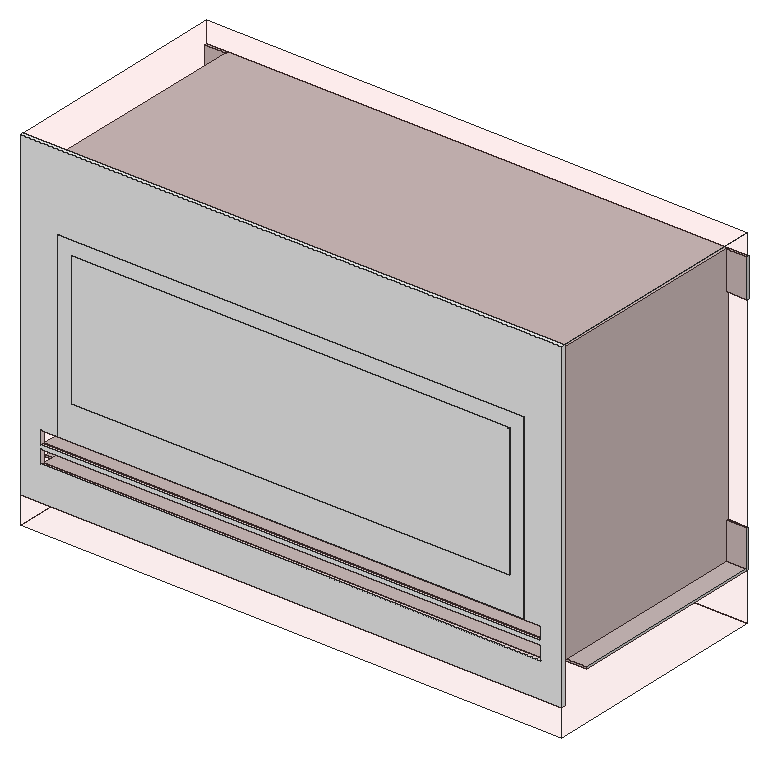
Revit family "Air-Curtain_Customer-Entry_PoweredAire_CLD-CHD", category Mechanical Equipment, host Face, Revit 2019
Family settings
  Host = Face
  Round Connector Dimension = Use Diameter
  Part Type = Normal
  OmniClass Number = 23.75.35.17.21
  OmniClass Title = Air Curtains
  Cut with Voids When Loaded = No
  Shared = No
  Room Calculation Point = No
Parameters
  Warranty Duration (Years) = 0
  Unit Width Notes = "Other Widths available."  # constant formula
  Unit Width = 3' - 3"
  Unit Weight = 0
  Unit Height = 1' - 4 3/4"
  Unit Depth = 1' - 11 1/4"
  URL = "http://www.poweredaire.com/"
  Test Data = ""
  Temperature Rise_Range = "as Specified"
  Standards Conformance = "as Specified"
  Specification = "http://www.arcat.com/sdspecs/htm04/23_34_33pai.htm"
  SpecWizard = ""
  Sound Pressure = "as Specified"
  Sales Information = "http://www.poweredaire.com/contact_us"
  Revision = "R1_2016-08"
  Projection from Host [instance] = 0' - 2"
  Product Properties = ""
  Product Data = "http://www.arcat.com/arcatcos/cos47/arc47623.html"
  Power Rating = 0 W
  Outlet Volume_Range = "as Specified"
  Outlet Velocity_Range = "as Specified"
  Nozzle Width = if(1 = 1, Unit Width - 0' 3", 0' 0")  # 3' - 0"
  Mounting Width = if(1 = 1, Unit Width - 0' 1 1/2", 0' 0")  # 3' - 1 1/2"
  Mounting Height [instance] = 3' - 6"
  Motor RPM = 0
  Motor HP = 0
  Motor Count = 0
  Model = "As Specified"
  Max Height = 0' - 0"
  Manufacturer Website = "http://www.poweredaire.com/"
  Manufacturer Phone - Toll Free = "888-321-2473"
  Manufacturer Phone = "724-588-3305"
  Manufacturer Fax = "724-588-3371"
  Manufacturer Address = "109 Mortensen Rd.  Greenville, PA 16125"
  Manufacturer = "Powered Aire, Inc"
  Maintenance Schedule (Months) = 0
  Keynote = "23 34 33"
  Installation-Fabrication = ""
  Installation Phase = ""
  Include Clearance [instance] = yes
  Heating Element Load = 0 W
  HVAC_Temperature Rise [instance] = 0 °F
  HVAC_Outlet Volume [instance] = 0 CFM
  HVAC_Outlet Velocity Uniformity = 0
  HVAC_Outlet Velocity [instance] = 0 FPM
  Green Building-LEED = "http://www.arcat.com/green/clients/leed_data_47623.html"
  Front Grating Material [instance] = Metal - Steel - PoweredAire - White Perforated
  Frame Finish [instance] = Metal - Steel - PoweredAire - Stainless 304
  Expected Lifespan (Years) = 0
  Electrical_Wattage [instance] = Power Rating + Heating Element Load  # 0 W
  Electrical_Voltage [instance] = 0 V
  Electrical_Phase [instance] = 1
  Electrical_Frequency [instance] = 0 Hz
  Electrical_Amperage [instance] = 0 A
  Drawn By = "Sumex Design, Inc. / Robert S. Weygant, CSI, CDT, SCIP"
  Description = "Powered Aire Air Curtain as Specified"
  Default Elevation = 0' - 0"  # constant formula
  Cover Finish [instance] = Metal - Steel - PoweredAire - White
  Copyright = "©Arcat Inc."
  Construction Details = "http://www.arcat.com/details/powair/prod3336.html"
  Clearance_Top [instance] = 0' - 0"
  Clearance_Side B [instance] = 0' - 0"
  Clearance_Side A [instance] = 0' - 0"
  Clearance_Intake [instance] = 0' - 0"
  Clearance_Front [instance] = 0' - 0"
  Clearance Material [instance] = ARCAT Clearance
  Building Codes = ""
  Available Options [instance] = "as Specified"
  Assembly Code = "D3090400"
Reference planes (in)
  plane 1 "Center (Elevation)": y = 8.51318
  plane 2: z = 0
  plane 3 "Center (Left/Right)": x = 0
  plane 4: y = 16.88818
  plane 5: y = 0.13818
  plane 6: x = -19.5
  plane 7: x = 19.5
  plane 8: z = 25.25
  plane 9 "FF": y = -41.86182
  plane 10: z = 2
  plane 11: x = 18
  plane 12: x = -18
  plane 13: y = 16.88818
  plane 14: y = 0.13818
  plane 15: x = -19.5
  plane 16: x = 19.5
  plane 17: z = 25.25
  plane 18: y = 0.38818
Forms (in)
  Extrusion 1, solid, material "ARCAT Clearance" <- "Clearance Material", visible <- "Include Clearance"
    sketch origin (0, 0, 0) x (0, 1, 0) y (0, 0, 1)
      loop
        line (0.13818, 25.25) -> (0.13818, 0) -> (16.88818, 0) -> (16.88818, 25.25) -> (0.13818, 25.25)
    from -19.5 to 19.5
  Extrusion 2, solid, material "Metal - Steel - PoweredAire - White" <- "Cover Finish"
    sketch origin (0, 8.51318, 0) x (1, 0, 0) y (0, 0, 1)
      loop
        line (-19.5, 25.25) -> (-19.5, 2) -> (19.5, 2) -> (19.5, 25.25) -> (-19.5, 25.25)
    from 8.125 to 8.375
  Extrusion 3, solid, material "Metal - Steel - PoweredAire - Stainless 304" <- "Frame Finish"
    sketch origin (0, 8.51318, 0) x (1, 0, 0) y (0, 0, 1)
      loop
        line (18, 23.75) -> (-18, 23.75) -> (-18, 3.5) -> (18, 3.5) -> (18, 23.75)
    from -8.375 to 8.125
  Extrusion 4, void
    sketch origin (0, 0, 0) x (0, 1, 0) y (0, 0, 1)
      loop
        line (0.13818, 5.5) -> (0.13818, 4.5) -> (1.88818, 4.5) -> (1.88818, 6.75) -> (0.13818, 6.75) -> (0.13818, 5.75) -> (1.63818, 5.75) -> (1.63818, 5.5) -> (0.13818, 5.5)
    from -18 to 18
  Extrusion 5, solid, material "Metal - Steel - PoweredAire - White" <- "Cover Finish"
    sketch origin (-11.83813, 0.13818, 48) x (-1, 0, 0) y (0, 0, 1)
      loop
        line (4.91187, -41.25) -> (4.91187, -28.25) -> (-28.58813, -28.25) -> (-28.58813, -41.25) -> (4.91187, -41.25)
    from 0 to -0.03125
  Extrusion 6, solid, material "Metal - Steel - PoweredAire - White Perforated" <- "Front Grating Material"
    sketch origin (-11.83813, 0.10693, 48) x (1, 0, 0) y (0, 0, 1)
      loop
        line (-3.91187, -29.25) -> (-3.91187, -38.75) -> (27.58813, -38.75) -> (27.58813, -29.25) -> (-3.91187, -29.25)
    from 0 to 0.03125
  Extrusion 7, solid, material "Metal - Steel - PoweredAire - Stainless 304" <- "Frame Finish"
    sketch origin (-15.17702, -180, 2) x (-1, 0, 0) y (0, -1, 0)
      loop
        line (-33.17702, -196.88818) -> (-33.17702, -182.38818) -> (-34.67702, -182.38818) -> (-34.67702, -196.88818) -> (-33.17702, -196.88818)
      loop
        line (2.82298, -196.88818) -> (4.32298, -196.88818) -> (4.32298, -182.38818) -> (2.82298, -182.38818) -> (2.82298, -196.88818)
    from 1.5 to 1.625
  Extrusion 8, solid, material "Metal - Steel - PoweredAire - Stainless 304" <- "Frame Finish"
    sketch origin (-11.83813, 16.88818, 48) x (-1, 0, 0) y (0, 0, 1)
      loop
        line (7.66187, -44.5) -> (7.66187, -41.75) -> (6.16187, -41.75) -> (6.16187, -44.5) -> (7.66187, -44.5)
      loop
        line (-31.33813, -44.5) -> (-29.83813, -44.5) -> (-29.83813, -41.75) -> (-31.33813, -41.75) -> (-31.33813, -44.5)
      loop
        line (7.66187, -27) -> (7.66187, -24.25) -> (6.16187, -24.25) -> (6.16187, -27) -> (7.66187, -27)
      loop
        line (-31.33813, -27) -> (-29.83813, -27) -> (-29.83813, -24.25) -> (-31.33813, -24.25) -> (-31.33813, -27)
    from 0 to -0.125
Cuts and joins
  Extrusion 4 cuts Extrusion 2
  Extrusion 4 cuts Extrusion 3
Dimensions and locks (in)
  equal spacing: plane 4, plane 1 "Center (Elevation)", plane 5
  "Unit Height": plane 4 to plane 5
  equal spacing: plane 6, plane 3 "Center (Left/Right)", plane 7
  "Unit Width": plane 6 to plane 7
  "Mounting Height": plane 5 to plane 9 "FF"
  "Projection from Host": plane 10 to level
  "Unit Depth": plane 8 to plane 10
  locked: plane 6 to plane 12 at 1.5
  locked: plane 11 to plane 7 at 1.5
  "Clearance_Side A": plane 7 to plane 16
  "Clearance_Side B": plane 15 to plane 6
  "Clearance_Top": plane 13 to plane 4
  "Clearance_Intake": plane 5 to plane 14
  "Clearance_Front": plane 17 to plane 8
  locked: plane 8 to Extrusion 3 sketch curve at 1.5
  locked: Extrusion 3 sketch curve to plane 10 at 1.5
  locked: plane 7 to Extrusion 3 sketch curve at 1.5
  locked: Extrusion 3 sketch curve to plane 6 at 1.5
  locked: plane 18 to plane 5 at 0.25
  Extrusion 4 sketch curve to Extrusion 4 sketch curve to Extrusion 4 sketch curve to Extrusion 4 sketch curve to plane 10 = 0' - 1" locked, 0' - 0 1/4" locked, 0' - 1" locked, 0' - 2 1/2" locked
  Extrusion 5 sketch curve to Extrusion 5 sketch curve to plane 10 = 1' - 1" locked, 0' - 4 3/4" locked
  locked: plane 11 to Extrusion 5 sketch curve at 1.25
  locked: Extrusion 5 sketch curve to plane 12 at 1.25
  Extrusion 6 sketch curve to Extrusion 6 sketch curve to plane 10 = 0' - 9 1/2" locked, 0' - 7 1/4" locked
  locked: Extrusion 6 sketch curve to plane 12 at 2.25
  locked: plane 11 to Extrusion 6 sketch curve at 2.25
  locked: plane 4 to Extrusion 7 sketch curve at 14.5  (x2)
  Extrusion 8 sketch curve to Extrusion 8 sketch curve to Extrusion 8 sketch curve to Extrusion 8 sketch curve to plane 10 = 0' - 2 3/4" locked, 1' - 2 3/4" locked, 0' - 2 3/4" locked, 0' - 1 1/2" locked  (x2)
  aligned and locked: plane 2 to host face
  aligned and locked: level to host face
  aligned and locked: Extrusion 1 sketch curve to plane 17
  aligned and locked: plane 14 to Extrusion 1 sketch curve
  aligned and locked: level to Extrusion 1 sketch curve
  aligned and locked: Extrusion 1 sketch curve to plane 13
  aligned and locked: plane 16 to Extrusion 1
  aligned and locked: Extrusion 1 to plane 15
  aligned and locked: Extrusion 2 sketch curve to plane 8
  aligned and locked: plane 6 to Extrusion 2 sketch curve
  aligned and locked: Extrusion 2 sketch curve to plane 10
  aligned and locked: Extrusion 2 sketch curve to plane 7
  aligned and locked: Extrusion 3 to plane 4
  aligned and locked: Extrusion 3 to plane 18
  aligned and locked: Extrusion 2 to plane 18
  aligned and locked: Extrusion 2 to plane 5
  aligned and locked: plane 11 to Extrusion 4
  aligned and locked: Extrusion 4 to plane 12
  aligned and locked: Extrusion 7 sketch curve to plane 4  (x2)
Automatic sketch dimensions
  host sketch curve to host sketch curve = 8' - 0"  (x2)
  Extrusion 4 sketch curve to plane 5 = 0' - 0"  (x2)
  plane 18 to Extrusion 4 sketch curve = 0' - 1 1/4"
  Extrusion 4 sketch curve to Extrusion 4 sketch curve = 0' - 0 1/4"
  Extrusion 7 sketch curve to plane 7 = 0' - 0"
  Extrusion 7 sketch curve to plane 11 = 0' - 0"
  Extrusion 7 sketch curve to plane 12 = 0' - 0"
  Extrusion 7 sketch curve to plane 6 = 0' - 0"
  Extrusion 8 sketch curve to plane 7 = 0' - 0"  (x2)
  Extrusion 8 sketch curve to plane 11 = 0' - 0"  (x2)
  Extrusion 8 sketch curve to plane 12 = 0' - 0"  (x2)
  Extrusion 8 sketch curve to plane 6 = 0' - 0"  (x2)
Connectors (in)
  electrical at (-18, 4.88818, 9.625), driven by "Electrical_Voltage", driven by "Electrical_Phase"
    settings: on cut or joined group of Extrusion 3, Extrusion 4, index 1, voltage 0 V, apparent load 0 VA, apparent load phase1 0 VA, apparent load phase2 0 VA, apparent load phase3 0 VA, power factor 1, load classification "Other", number of poles 1, system type 31, power factor state 1, is connector primary yes, connector utility no, sub classification motor no, connector description ""
